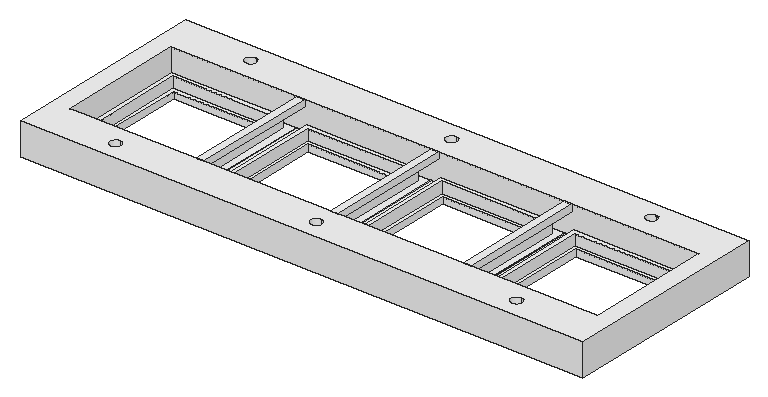
Revit family "Gira_021466", category Electrical Fixtures, host Face, Revit 2017
Family settings
  Host = Face
  Maintain Annotation Orientation = No
  Round Connector Dimension = Use Diameter
  Part Type = Normal
  Cut with Voids When Loaded = No
  Shared = No
  Room Calculation Point = No
Parameters (values of type "Abdeckrahmen 4f Gira TX_44 (WG UP) Reinweiß")
  Werkstoffgüte = "Thermoplast"
  Werkstoff = "Kunststoff"
  URL = "http://katalog.gira.de/de_DE/datenblatt.html?artikelnr=021466"
  Transparent = "No"
  Textfeld/Beschriftungsfläche = "No"
  Schutzart (IP) = "IP44"
  Region = "DE"
  RAL-Nummer (ähnlich) = "9010 "
  Oberfläche = "sonstige"
  Name = "Abdeckrahmen 4f Gira TX_44 (WG UP) Reinweiß"
  Montagerichtung = "horizontal und vertikal"
  Mit Klappdeckel = "No"
  Manufacturer URL = "https://www.gira.de/"
  Keynote = "TX44_Rahmen_4fach"
  HeinzeBIM = "https://bimportal.heinze.de/bim/abdeckrahmen-4f-gira-tx-44-wg-up-reinweiss/b960a5eed0aecc7bb95428d6814e38dc76abcc8c"
  Halogenfrei = "Yes"
  HAN = "021466"
  Geeignet für Unterputz-Installation = "Yes"
  Geeignet für Unterflurkanaldose = "No"
  Geeignet für Geräteeinbaukanal = "No"
  Geeignet für Einbauinstallation = "No"
  GTIN = "4010337214663"
  Farbe = "weiß"
  Default Elevation = 1219.2 mm
  Data sheet (1) = "https://katalog.gira.de/de_DE/download.html?artikelnr=021466"
  Category = "Abdeckrahmen"
  Befestigungsart = "Klemmbefestigung"
  Available = "Yes"
  Anzahl der Einheiten vertikal = "4 "
  Anzahl der Einheiten horizontal = "4 "
  Anzahl der Einheiten = "4 "
Reference planes
  plane 1 "Center (Front/Back)": y = 0
  plane 2: z = 0
  plane 3 "Center (Left/Right)": x = 0
  plane 4: x = -69.25
  plane 5: x = -73.25
  plane 6: x = 150
Forms (mm)
  Extrusion 1, solid, material "White", detail levels fine
    sketch origin (-107.091, 0, 0) x (0, -1, 0) y (1, 0, 0)
      loop
        line (-54.959, 257.091) -> (-54.959, -42.909) -> (54.959, -42.909) -> (54.959, 257.091) -> (-54.959, 257.091)
      loop
        line (-33.5, -33.5) -> (33.5, -33.5) -> (33.5, 247.683) -> (-33.5, 247.683) -> (-33.5, -33.5)
      loop
        circle (-45, -0.006) r 3
      loop
        circle (44.992, 0.001) r 3
      loop
        circle (-45, 213.594) r 3
      loop
        circle (44.992, 213.601) r 3
      loop
        circle (-45, 106.944) r 3
      loop
        circle (44.992, 106.951) r 3
    from 0 to 16.9
  Extrusion 2, solid, material "White", detail levels fine
    sketch origin (-107.091, 0, 0) x (0, -1, 0) y (1, 0, 0)
      loop
        line (-25.5, 25.5) -> (-25.5, -25.5) -> (25.5, -25.5) -> (25.5, 25.5) -> (-25.5, 25.5)
      loop
        line (-33.5, 33.5) -> (-33.5, -33.5) -> (33.5, -33.5) -> (33.5, 33.5) -> (-33.5, 33.5)
    from -1.6 to 2
  Extrusion 3, solid, material "White", detail levels fine
    sketch origin (-107.091, 0, 0) x (0, -1, 0) y (1, 0, 0)
      loop
        line (-27.5, 27.5) -> (-27.5, -27.5) -> (27.5, -27.5) -> (27.5, 27.5) -> (-27.5, 27.5)
      loop
        line (-29.5, 29.5) -> (-29.5, -29.5) -> (29.5, -29.5) -> (29.5, 29.5) -> (-29.5, 29.5)
    from 2 to 7.8
  Extrusion 4, solid, material "White", detail levels coarse+medium
    sketch origin (-107.091, 0, 0) x (0, -1, 0) y (1, 0, 0)
      loop
        line (-54.959, 257.091) -> (-54.959, -42.909) -> (54.959, -42.909) -> (54.959, 257.091) -> (-54.959, 257.091)
    from -1.6 to 16.9
  Extrusion 5, solid, material "White", detail levels fine
    sketch origin (-35.409, 0, 0) x (0, -1, 0) y (1, 0, 0)
      loop
        line (-25.5, 25.5) -> (-25.5, -25.5) -> (25.5, -25.5) -> (25.5, 25.5) -> (-25.5, 25.5)
      loop
        line (-33.5, 33.5) -> (-33.5, -33.5) -> (33.5, -33.5) -> (33.5, 33.5) -> (-33.5, 33.5)
    from -1.6 to 2
  Extrusion 6, solid, material "White", detail levels fine
    sketch origin (-35.409, 0, 0) x (0, -1, 0) y (1, 0, 0)
      loop
        line (-27.5, 27.5) -> (-27.5, -27.5) -> (27.5, -27.5) -> (27.5, 27.5) -> (-27.5, 27.5)
      loop
        line (-29.5, 29.5) -> (-29.5, -29.5) -> (29.5, -29.5) -> (29.5, 29.5) -> (-29.5, 29.5)
    from 2 to 7.8
  Extrusion 7, solid, material "White", detail levels fine
    sketch origin (-107.091, 0, 0) x (0, -1, 0) y (1, 0, 0)
      loop
        line (-33.5, 38.183) -> (-33.5, 33.5) -> (33.5, 33.5) -> (33.5, 38.183) -> (-33.5, 38.183)
    from 0 to 2
  Extrusion 8, solid, material "White", detail levels fine
    sketch origin (-107.091, 0, 0) x (0, -1, 0) y (1, 0, 0)
      loop
        line (-33.5, 37.841) -> (-33.5, 33.841) -> (33.5, 33.841) -> (33.5, 37.841) -> (-33.5, 37.841)
    from 13.4 to 16.9
  Extrusion 9, solid, material "White", detail levels fine
    sketch origin (36.091, 0, 0) x (0, -1, 0) y (1, 0, 0)
      loop
        line (-25.5, 25.5) -> (-25.5, -25.5) -> (25.5, -25.5) -> (25.5, 25.5) -> (-25.5, 25.5)
      loop
        line (-33.5, 33.5) -> (-33.5, -33.5) -> (33.5, -33.5) -> (33.5, 33.5) -> (-33.5, 33.5)
    from -1.6 to 2
  Extrusion 10, solid, material "White", detail levels fine
    sketch origin (36.091, 0, 0) x (0, -1, 0) y (1, 0, 0)
      loop
        line (-27.5, 27.5) -> (-27.5, -27.5) -> (27.5, -27.5) -> (27.5, 27.5) -> (-27.5, 27.5)
      loop
        line (-29.5, 29.5) -> (-29.5, -29.5) -> (29.5, -29.5) -> (29.5, 29.5) -> (-29.5, 29.5)
    from 2 to 7.8
  Extrusion 11, solid, material "White", detail levels fine
    sketch origin (-35.591, 0, 0) x (0, -1, 0) y (1, 0, 0)
      loop
        line (-33.5, 38.183) -> (-33.5, 33.683) -> (33.5, 33.683) -> (33.5, 38.183) -> (-33.5, 38.183)
    from 0 to 2
  Extrusion 12, solid, material "White", detail levels fine
    sketch origin (-35.591, 0, 0) x (0, -1, 0) y (1, 0, 0)
      loop
        line (-33.5, 37.841) -> (-33.5, 33.841) -> (33.5, 33.841) -> (33.5, 37.841) -> (-33.5, 37.841)
    from 13.4 to 16.9
  Extrusion 13, solid, material "White", detail levels fine
    sketch origin (107.091, 0, 0) x (0, -1, 0) y (1, 0, 0)
      loop
        line (-25.5, 25.5) -> (-25.5, -25.5) -> (25.5, -25.5) -> (25.5, 25.5) -> (-25.5, 25.5)
      loop
        line (-33.5, 33.5) -> (-33.5, -33.5) -> (33.5, -33.5) -> (33.5, 33.5) -> (-33.5, 33.5)
    from -1.6 to 2
  Extrusion 14, solid, material "White", detail levels fine
    sketch origin (107.091, 0, 0) x (0, -1, 0) y (1, 0, 0)
      loop
        line (-27.5, 27.5) -> (-27.5, -27.5) -> (27.5, -27.5) -> (27.5, 27.5) -> (-27.5, 27.5)
      loop
        line (-29.5, 29.5) -> (-29.5, -29.5) -> (29.5, -29.5) -> (29.5, 29.5) -> (-29.5, 29.5)
    from 2 to 7.8
  Extrusion 15, solid, material "White", detail levels fine
    sketch origin (35.409, 0, 0) x (0, -1, 0) y (1, 0, 0)
      loop
        line (-33.5, 38.183) -> (-33.5, 33.841) -> (33.5, 33.841) -> (33.5, 38.183) -> (-33.5, 38.183)
    from 0 to 2
  Extrusion 16, solid, material "White", detail levels fine
    sketch origin (35.409, 0, 0) x (0, -1, 0) y (1, 0, 0)
      loop
        line (-33.5, 37.841) -> (-33.5, 33.841) -> (33.5, 33.841) -> (33.5, 37.841) -> (-33.5, 37.841)
    from 13.4 to 16.9
Dimensions and locks
  aligned and locked: plane 2 to host face
  aligned and locked: level to host face
